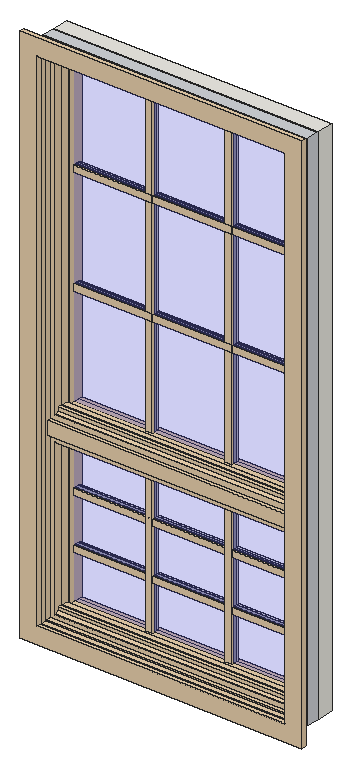
Revit family "1 Window-Awning-Andersen-400_Series_Stacked", category Windows, host Wall, Revit 2014 (continued)
Definition of nested family "Andersen_Sash_Panel"
  Definition of nested family "Andersen_Grille_Bar"
    Lines and regions (in)
      model lines, style "GenericModel", detail levels coarse+medium
        curve 1: line (0, 2, 0) -> (0, -2.4375, 0)
      symbolic lines, style "GenericModel", detail levels coarse+medium
        curve 2: line (0, 2, 12) -> (0, -2.4375, 12)
    Dimensions and locks (in)
      "Glass OA Thickness": plane 2 "a" to plane 8 "b"
      "Exterior Bar Thickness": Extrusion 2 to Extrusion 2
      "Interior Bar Thickness": plane 8 "b" to Extrusion 4
      equal spacing: plane 4 "1", plane 3 "Center (Left/Right)", plane 5 "2"
      equal spacing: plane 6, plane 1 "Center (Front/Back)", plane 7
      "Bar Width": plane 4 "1" to plane 5 "2"
      "Bar Length": plane 6 to plane 7
      "Center Line Length": plane 6 to plane 9
      locked: plane 10 "a1" to plane 2 "a" at 12
      locked: plane 2 "a" to plane 11 "a2" at 12
      "Glass Pane Thickness": Extrusion 3 to plane 8 "b"
      "Glass Pane Thickness": plane 2 "a" to Extrusion 3
      aligned and locked: plane 2 "a" to Extrusion 1
      aligned and locked: level to Extrusion 1
      aligned and locked: Extrusion 2 to plane 2 "a"
      aligned and locked: Extrusion 2 to plane 4 "1"
      aligned and locked: plane 5 "2" to Extrusion 2
      aligned and locked: plane 6 to Extrusion 2
      aligned and locked: Extrusion 2 to plane 7
      aligned and locked: Extrusion 3 to plane 4 "1"
      aligned and locked: plane 5 "2" to Extrusion 3
      aligned and locked: plane 6 to Extrusion 3
      aligned and locked: Extrusion 3 to plane 7
      aligned and locked: plane 8 "b" to Extrusion 4
      aligned and locked: Extrusion 4 to plane 4 "1"
      aligned and locked: plane 5 "2" to Extrusion 4
      aligned and locked: plane 6 to Extrusion 4
      aligned and locked: Extrusion 4 to plane 7
      aligned and locked: plane 6 to curve 1
      aligned and locked: plane 9 to curve 1
      aligned and locked: curve 1 to plane 3 "Center (Left/Right)"
      aligned and locked: plane 6 to curve 2
      aligned and locked: plane 9 to curve 2
      aligned and locked: curve 2 to plane 3 "Center (Left/Right)"
    Automatic sketch dimensions
      Extrusion 1 sketch curve to Extrusion 1 sketch curve = 8' - 0"  (x2)
      plane 7 to Extrusion 2 sketch curve = 0' - 0"
      Extrusion 2 sketch curve to plane 5 "2" = 0' - 0 7/8"
      Extrusion 2 sketch curve to plane 6 = 0' - 0"
      Extrusion 2 sketch curve to Extrusion 2 sketch curve = 0' - 0 7/8"
      plane 7 to Extrusion 3 sketch curve = 0' - 0"
      Extrusion 3 sketch curve to plane 5 "2" = 0' - 0 7/8"
      Extrusion 3 sketch curve to plane 6 = 0' - 0"
      Extrusion 3 sketch curve to Extrusion 3 sketch curve = 0' - 0 7/8"
      Extrusion 4 sketch curve to plane 7 = 0' - 0"
      Extrusion 4 sketch curve to plane 5 "2" = 0' - 0 7/8"
      Extrusion 4 sketch curve to plane 6 = 0' - 0"
      Extrusion 4 sketch curve to Extrusion 4 sketch curve = 0' - 0 7/8"
